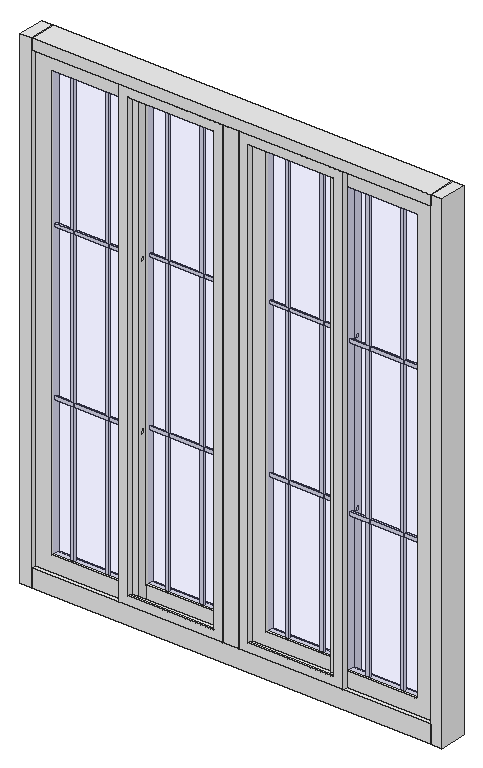
Revit family "Door_Curtain_Wall-Sliding-Traco-TR-8304", category Curtain Panels, Revit 2015
Parameters (values of type "TR-8304")
  Water Resistance = 12.0000 psf
  Uniform Load Structural = 75.0000 psf
  Uniform Load Deflection = 50.0000 psf
  Sill Type = Door_Frame-Sliding-(TR-8304) : 10 PSF Sill
  Screen Type = Screen-Exterior-Traco-Half : Heavy Duty Screen
  Product data url = "https://bimobject.com/kawneerna/product/83005"
  Product Page URL = "http://www.alcoa.com/traco/en/product.asp?cat_id=1911&prod_id=4257"
  Product Documentation Link = "http://www.alcoa.com/traco/en/cad_spec.asp?cat_id=1911&prod_id=4257&area=prod"
  Panel Width [instance] = (Door Width / 4) - 0' 0 9/32"  # 1' - 5 23/32"
  Panel Material [instance] = Aluminum - Traco - Anodized - Gray
  Panel Height [instance] = Door Height - 0' 4 3/4"  # 6' - 7 1/4"
  Muntin Type = Muntin-Grid-Traco-Lites : Interior
  Has Screen [instance] = yes
  Has Muntins [instance] = yes
  Glass Material [instance] = Glass - Traco - Clear
  Frame Material [instance] = Aluminum - Traco - Anodized - Gray
  Door Width [instance] = if(CTRL Opening Width < Door Width Minimum, Door Width Minimum, if(CTRL Opening Width > Door Width Maximum, Door Width Maximum, CTRL Opening Width))  # 6' - 0"
  Door Height [instance] = if(CTRL Opening Height < Door Height Minimum, Door Height Minimum, if(CTRL Opening Height > Door Height Maximum, Door Height Maximum, CTRL Opening Height))  # 7' - 0"
  Copyright © = "2011 Traco"  # constant formula
  CTRL Symbolic Arrow Placement Height [instance] = (Panel Height / 2) + 0' 1 1/2"  # 3' - 5 1/8"
  CTRL Symbolic Arrow Inset [instance] = (Panel Width / 2) - 0' 5 3/8"  # 0' - 3 31/64"
  CTRL Opening Width [instance] = 5' - 5.50212"
  URL = "http://www.alcoa.com/traco/en/home.asp"
  U Factor = ".43*"
  Type Comments = "Door"
  Test Size = "187\" X 96\""
  Model = "TR-8304"
  Manufacturer = " Traco"  # constant formula
  CTRL Opening Height [instance] = 7' - 0"
  Front Panel Inset = 0' - 1 9/16"
  Forced Entry Resistance = "TYPE B: GRADE 10"
  Finish = ""
  Door Width Minimum [instance] = 6' - 0"
  Door Width Maximum [instance] = 16' - 0"
  Door Height Minimum [instance] = 6' - 0"
  Door Height Maximum [instance] = 10' - 0"
  Designation = "AAMA/WDMA/CSA 101/I.S.2/A-440-05: HS-C50 And AAMA/WDMA/CSA 101/I.S.2/A-440-08"
  Description = "4 Panel"
  Condensation Resistance = ""
  Back Panel Inset = 0' - 3 1/16"
  Assembly Code = "B2020220"
  Allowable Air Infiltration Maximum = "0.3 @ 6.2 PSF"
Reference planes (in)
  plane 1 "Front": y = 0
  plane 2 "Bottom": z = 0
  plane 3 "Center (Left/Right)": x = 0
  plane 4 "Left": x = -32.75106
  plane 5 "Right": x = 32.75106
  plane 6 "Top": z = 84
  plane 7 "Back Panel Center F_B": y = 3.0625
  plane 8 "Panel Left": x = -36
  plane 9 "Panel Right": x = 36
  plane 10 "Front Panel Center F_B": y = 1.5625
  plane 11 "Left Inset": x = -34.0625
  plane 12 "Right Inset": x = 34.0625
  plane 13 "Back": y = 4.625
  plane 14 "Left Front Panel Right": x = -16.34375
  plane 15 "Right Front Panel Left": x = 16.34375
  plane 16 "Left Back Panel Left": x = -19.09375
  plane 17 "Right Back Panel Right": x = 19.09375
  plane 18 "Bottom Inset": z = 3
  plane 19 "Top Inset": z = 82.25
Text (in)
  text "Exterior" at (-54.29358, -32.61257, 0), in view "Ref. Level"
  text "Exterior" at (480, 41.53993, 89.60405), in view "Right"
  text "Exterior" at (-240, 57.82419, 105.78864), in view "Left"
Dimensions and locks (in)
  equal spacing: plane 4 "Left", plane 3 "Center (Left/Right)", plane 5 "Right"
  "CTRL Opening Width": plane 4 "Left" to plane 5 "Right"
  equal spacing: plane 8 "Panel Left", plane 3 "Center (Left/Right)", plane 9 "Panel Right"
  "Door Width": plane 8 "Panel Left" to plane 9 "Panel Right"
  "CTRL Opening Height": plane 6 "Top" to plane 2 "Bottom"
  locked: plane 8 "Panel Left" to plane 11 "Left Inset" at 1.9375
  locked: plane 12 "Right Inset" to plane 9 "Panel Right" at 1.9375
  locked: plane 1 "Front" to plane 13 "Back" at 4.625
  "Panel Width": plane 11 "Left Inset" to plane 14 "Left Front Panel Right"
  "Panel Width": plane 15 "Right Front Panel Left" to plane 12 "Right Inset"
  locked: plane 16 "Left Back Panel Left" to plane 14 "Left Front Panel Right" at 2.75
  locked: plane 15 "Right Front Panel Left" to plane 17 "Right Back Panel Right" at 2.75
  locked: plane 18 "Bottom Inset" to plane 2 "Bottom" at 3
  locked: plane 6 "Top" to plane 19 "Top Inset" at 1.75
  "Front Panel Inset": plane 1 "Front" to plane 10 "Front Panel Center F_B"
  "Back Panel Inset": plane 1 "Front" to plane 7 "Back Panel Center F_B"
  aligned and locked: level to plane 2 "Bottom"
  aligned and locked: plane 2 "Bottom" to nested 27
  aligned and locked: plane 3 "Center (Left/Right)" to nested 27
  aligned and locked: nested 4 to plane 10 "Front Panel Center F_B"
  aligned and locked: plane 11 "Left Inset" to nested 4
  aligned and locked: plane 10 "Front Panel Center F_B" to nested 2
  aligned and locked: plane 12 "Right Inset" to nested 2
  aligned and locked: plane 17 "Right Back Panel Right" to nested 1
  aligned and locked: plane 16 "Left Back Panel Left" to nested 3
  aligned and locked: plane 18 "Bottom Inset" to nested 4
  aligned and locked: nested 3 to plane 18 "Bottom Inset"
  aligned and locked: nested 2 to plane 18 "Bottom Inset"
  aligned and locked: plane 18 "Bottom Inset" to nested 1
  aligned and locked: nested 25 to plane 18 "Bottom Inset"
  aligned and locked: nested 26 to plane 18 "Bottom Inset"
  aligned and locked: plane 17 "Right Back Panel Right" to nested 26
  aligned and locked: nested 25 to plane 16 "Left Back Panel Left"
  aligned and locked: nested 15 to plane 18 "Bottom Inset"
  aligned and locked: nested 10 to plane 18 "Bottom Inset"
  aligned and locked: nested 20 to plane 18 "Bottom Inset"
  aligned and locked: nested 5 to plane 18 "Bottom Inset"
  aligned and locked: nested 5 to plane 15 "Right Front Panel Left"
  aligned and locked: plane 17 "Right Back Panel Right" to nested 20
  aligned and locked: nested 10 to plane 16 "Left Back Panel Left"
  aligned and locked: plane 14 "Left Front Panel Right" to nested 15
  aligned and locked: plane 2 "Bottom" to nested 28
  aligned and locked: plane 3 "Center (Left/Right)" to nested 28
  aligned and locked: plane 3 "Center (Left/Right)" to nested 29
Nested families (in)
  nested 1: "Door-Glass_Panel-Traco" at (-16.90625, 3.8125, 3), Width <- "Panel Width", Height <- "Panel Height", Panel Material <- "Panel Material", Glass Material <- "Glass Material", type "Door-Glass_Panel-Traco", detail levels fine
    with built-in parameter 1001301 1' - 5 23/32", built-in parameter 1001302 0' - 1 1/2", Slide Indicator yes, Panel Offset 0' - 4 1/4", Panel Material Aluminum - Traco - Anodized - Gray, Panel Finish none, built-in parameter 1001300 6' - 7 1/4", Glazing "Low E-Argon", Glass Material Glass - Traco - Clear
  nested 2: "Door-Glass_Panel-Traco" at (52.34375, 2.3125, 3) x (-1, 0, 0) z (0, 0, 1), Width <- "Panel Width", Height <- "Panel Height", Panel Material <- "Panel Material", Glass Material <- "Glass Material", type "Door-Glass_Panel-Traco", detail levels fine
    with built-in parameter 1001301 1' - 5 23/32", built-in parameter 1001302 0' - 1 1/2", Slide Indicator yes, Panel Offset 0' - 4 1/4", Panel Material Aluminum - Traco - Anodized - Gray, Panel Finish none, built-in parameter 1001300 6' - 7 1/4", Glazing "Low E-Argon", Glass Material Glass - Traco - Clear
  nested 3: "Door-Glass_Panel-Traco" at (16.90625, 3.8125, 3) x (-1, 0, 0) z (0, 0, 1), Width <- "Panel Width", Height <- "Panel Height", Panel Material <- "Panel Material", Glass Material <- "Glass Material", type "Door-Glass_Panel-Traco", detail levels fine
    with built-in parameter 1001301 1' - 5 23/32", built-in parameter 1001302 0' - 1 1/2", Slide Indicator yes, Panel Offset 0' - 4 1/4", Panel Material Aluminum - Traco - Anodized - Gray, Panel Finish none, built-in parameter 1001300 6' - 7 1/4", Glazing "Low E-Argon", Glass Material Glass - Traco - Clear
  nested 4: "Door-Glass_Panel-Traco" at (-52.34375, 2.3125, 3), Width <- "Panel Width", Height <- "Panel Height", Panel Material <- "Panel Material", Glass Material <- "Glass Material", type "Door-Glass_Panel-Traco", detail levels fine
    with built-in parameter 1001301 1' - 5 23/32", built-in parameter 1001302 0' - 1 1/2", Slide Indicator yes, Panel Offset 0' - 4 1/4", Panel Material Aluminum - Traco - Anodized - Gray, Panel Finish none, built-in parameter 1001300 6' - 7 1/4", Glazing "Low E-Argon", Glass Material Glass - Traco - Clear
  nested 5: "Muntin-Grid-Traco-Lites" at (25.20313, 1.5625, 42.625) x (-1, 0, 0) z (0, 1, 0), Sash Height <- "Panel Height", Length <- "Panel Width", type <- "Muntin Type", visible <- "Has Muntins", type "Interior"
    with Sash Height 6' - 7 1/4", Material Aluminum - Traco - Anodized - Gray, Length 1' - 5 23/32", Glazing Thickness 0' - 0 7/8", CTRL Muntin Vertical Distance 2' - 2.41667", CTRL Muntin Horizontal Distance 0' - 5 29/32", CTRL Face Offset 0' - 0 1/4", CTRL Bar Vertical Visibility no, CTRL Bar Horizontal Visibility no, CTRL Array Vertical Visibility yes, CTRL Array Horizontal Visibility yes, Has Interior Muntins yes, Has Exterior Muntins no
  nested 6: "Muntin-Trapezoid-Traco-Single" at (22.25, 1.375, 42.625) x (0, 0, -1) z (0, 1, 0), type "Standard Colonial"
    with Material Aluminum - Traco - Anodized - Gray, Length 6' - 7 1/4", Width Top 0' - 0 9/16", Width Base 0' - 0 9/16", Height 0' - 0 5/16"
  nested 7: "Muntin-Trapezoid-Traco-Single" at (25.20313, 1.375, 55.83333) x (1, 0, 0) z (0, 1, 0), type "Standard Colonial"
    with Material Aluminum - Traco - Anodized - Gray, Length 1' - 5 23/32", Width Top 0' - 0 9/16", Width Base 0' - 0 9/16", Height 0' - 0 5/16"
  nested 8: "Muntin-Trapezoid-Traco-Single" at (28.15625, 1.375, 42.625) x (0, 0, -1) z (0, 1, 0), type "Standard Colonial"
    with Material Aluminum - Traco - Anodized - Gray, Length 6' - 7 1/4", Width Top 0' - 0 9/16", Width Base 0' - 0 9/16", Height 0' - 0 5/16"
  nested 9: "Muntin-Trapezoid-Traco-Single" at (25.20313, 1.375, 29.41667) x (1, 0, 0) z (0, 1, 0), type "Standard Colonial"
    with Material Aluminum - Traco - Anodized - Gray, Length 1' - 5 23/32", Width Top 0' - 0 9/16", Width Base 0' - 0 9/16", Height 0' - 0 5/16"
  nested 10: "Muntin-Grid-Traco-Lites" at (-10.23437, 3.0625, 42.625) x (-1, 0, 0) z (0, 1, 0), Sash Height <- "Panel Height", Length <- "Panel Width", type <- "Muntin Type", visible <- "Has Muntins", type "Interior"
    with Sash Height 6' - 7 1/4", Material Aluminum - Traco - Anodized - Gray, Length 1' - 5 23/32", Glazing Thickness 0' - 0 7/8", CTRL Muntin Vertical Distance 2' - 2.41667", CTRL Muntin Horizontal Distance 0' - 5 29/32", CTRL Face Offset 0' - 0 1/4", CTRL Bar Vertical Visibility no, CTRL Bar Horizontal Visibility no, CTRL Array Vertical Visibility yes, CTRL Array Horizontal Visibility yes, Has Interior Muntins yes, Has Exterior Muntins no
  nested 11: "Muntin-Trapezoid-Traco-Single" at (-13.1875, 2.875, 42.625) x (0, 0, -1) z (0, 1, 0), type "Standard Colonial"
    with Material Aluminum - Traco - Anodized - Gray, Length 6' - 7 1/4", Width Top 0' - 0 9/16", Width Base 0' - 0 9/16", Height 0' - 0 5/16"
  nested 12: "Muntin-Trapezoid-Traco-Single" at (-10.23437, 2.875, 55.83333) x (1, 0, 0) z (0, 1, 0), type "Standard Colonial"
    with Material Aluminum - Traco - Anodized - Gray, Length 1' - 5 23/32", Width Top 0' - 0 9/16", Width Base 0' - 0 9/16", Height 0' - 0 5/16"
  nested 13: "Muntin-Trapezoid-Traco-Single" at (-7.28125, 2.875, 42.625) x (0, 0, -1) z (0, 1, 0), type "Standard Colonial"
    with Material Aluminum - Traco - Anodized - Gray, Length 6' - 7 1/4", Width Top 0' - 0 9/16", Width Base 0' - 0 9/16", Height 0' - 0 5/16"
  nested 14: "Muntin-Trapezoid-Traco-Single" at (-10.23437, 2.875, 29.41667) x (1, 0, 0) z (0, 1, 0), type "Standard Colonial"
    with Material Aluminum - Traco - Anodized - Gray, Length 1' - 5 23/32", Width Top 0' - 0 9/16", Width Base 0' - 0 9/16", Height 0' - 0 5/16"
  nested 15: "Muntin-Grid-Traco-Lites" at (-25.20312, 1.5625, 42.625) x (-1, 0, 0) z (0, 1, 0), Sash Height <- "Panel Height", Length <- "Panel Width", type <- "Muntin Type", visible <- "Has Muntins", type "Interior"
    with Sash Height 6' - 7 1/4", Material Aluminum - Traco - Anodized - Gray, Length 1' - 5 23/32", Glazing Thickness 0' - 0 7/8", CTRL Muntin Vertical Distance 2' - 2.41667", CTRL Muntin Horizontal Distance 0' - 5 29/32", CTRL Face Offset 0' - 0 1/4", CTRL Bar Vertical Visibility no, CTRL Bar Horizontal Visibility no, CTRL Array Vertical Visibility yes, CTRL Array Horizontal Visibility yes, Has Interior Muntins yes, Has Exterior Muntins no
  nested 16: "Muntin-Trapezoid-Traco-Single" at (-28.15625, 1.375, 42.625) x (0, 0, -1) z (0, 1, 0), type "Standard Colonial"
    with Material Aluminum - Traco - Anodized - Gray, Length 6' - 7 1/4", Width Top 0' - 0 9/16", Width Base 0' - 0 9/16", Height 0' - 0 5/16"
  nested 17: "Muntin-Trapezoid-Traco-Single" at (-25.20312, 1.375, 55.83333) x (1, 0, 0) z (0, 1, 0), type "Standard Colonial"
    with Material Aluminum - Traco - Anodized - Gray, Length 1' - 5 23/32", Width Top 0' - 0 9/16", Width Base 0' - 0 9/16", Height 0' - 0 5/16"
  nested 18: "Muntin-Trapezoid-Traco-Single" at (-22.25, 1.375, 42.625) x (0, 0, -1) z (0, 1, 0), type "Standard Colonial"
    with Material Aluminum - Traco - Anodized - Gray, Length 6' - 7 1/4", Width Top 0' - 0 9/16", Width Base 0' - 0 9/16", Height 0' - 0 5/16"
  nested 19: "Muntin-Trapezoid-Traco-Single" at (-25.20312, 1.375, 29.41667) x (1, 0, 0) z (0, 1, 0), type "Standard Colonial"
    with Material Aluminum - Traco - Anodized - Gray, Length 1' - 5 23/32", Width Top 0' - 0 9/16", Width Base 0' - 0 9/16", Height 0' - 0 5/16"
  nested 20: "Muntin-Grid-Traco-Lites" at (10.23438, 3.0625, 42.625) x (-1, 0, 0) z (0, 1, 0), Sash Height <- "Panel Height", Length <- "Panel Width", type <- "Muntin Type", visible <- "Has Muntins", type "Interior"
    with Sash Height 6' - 7 1/4", Material Aluminum - Traco - Anodized - Gray, Length 1' - 5 23/32", Glazing Thickness 0' - 0 7/8", CTRL Muntin Vertical Distance 2' - 2.41667", CTRL Muntin Horizontal Distance 0' - 5 29/32", CTRL Face Offset 0' - 0 1/4", CTRL Bar Vertical Visibility no, CTRL Bar Horizontal Visibility no, CTRL Array Vertical Visibility yes, CTRL Array Horizontal Visibility yes, Has Interior Muntins yes, Has Exterior Muntins no
  nested 21: "Muntin-Trapezoid-Traco-Single" at (7.28125, 2.875, 42.625) x (0, 0, -1) z (0, 1, 0), type "Standard Colonial"
    with Material Aluminum - Traco - Anodized - Gray, Length 6' - 7 1/4", Width Top 0' - 0 9/16", Width Base 0' - 0 9/16", Height 0' - 0 5/16"
  nested 22: "Muntin-Trapezoid-Traco-Single" at (10.23438, 2.875, 55.83333) x (1, 0, 0) z (0, 1, 0), type "Standard Colonial"
    with Material Aluminum - Traco - Anodized - Gray, Length 1' - 5 23/32", Width Top 0' - 0 9/16", Width Base 0' - 0 9/16", Height 0' - 0 5/16"
  nested 23: "Muntin-Trapezoid-Traco-Single" at (13.1875, 2.875, 42.625) x (0, 0, -1) z (0, 1, 0), type "Standard Colonial"
    with Material Aluminum - Traco - Anodized - Gray, Length 6' - 7 1/4", Width Top 0' - 0 9/16", Width Base 0' - 0 9/16", Height 0' - 0 5/16"
  nested 24: "Muntin-Trapezoid-Traco-Single" at (10.23438, 2.875, 29.41667) x (1, 0, 0) z (0, 1, 0), type "Standard Colonial"
    with Material Aluminum - Traco - Anodized - Gray, Length 1' - 5 23/32", Width Top 0' - 0 9/16", Width Base 0' - 0 9/16", Height 0' - 0 5/16"
  nested 25: "Screen-Exterior-Traco-Half" at (-9.23438, 4.625, 42.625) x (1, 0, 0) z (0, -1, 0), Height <- "Panel Height", Width <- "Panel Width", visible <- "Has Screen", type <- "Screen Type", type "Heavy Duty Screen"
    with Width 1' - 5 23/32", Screen Offset 0' - 3 13/16", Height 6' - 7 1/4", CTRL Width 1' - 5 23/32", CTRL Height 6' - 7 1/4", Frame Thickness 0' - 0 13/16"
  nested 26: "Screen-Exterior-Traco-Half" at (11.23438, 4.625, 42.625) x (1, 0, 0) z (0, -1, 0), Height <- "Panel Height", Width <- "Panel Width", type <- "Screen Type", visible <- "Has Screen", type "Heavy Duty Screen"
    with Width 1' - 5 23/32", Screen Offset 0' - 3 13/16", Height 6' - 7 1/4", CTRL Width 1' - 5 23/32", CTRL Height 6' - 7 1/4", Frame Thickness 0' - 0 13/16"
  nested 27: "Door_Frame-Sliding-(TR-8304)" at (0, 2.3125, 0), Door Width <- "Door Width", Door Height <- "Door Height", type <- "Sill Type", type "10 PSF Sill"
    with Door Width 6' - 0", Door Height 7' - 0", Sill Thickness 0' - 3"
  nested 28: "Symbolic_Opening_Arrow-Traco" at (19, 0, 42) x (1, 0, 0) z (0, -1, 0), Placement Height <- "CTRL Symbolic Arrow Placement Height", Inset <- "CTRL Symbolic Arrow Inset", type "Typical"
    with Placement Height 3' - 5 1/8", Inset 0' - 3 31/64", Length 1' - 0"
  nested 29: "Symbolic_Opening_Arrow-Traco" at (-19, 0, 42) x (-1, 0, 0) z (0, -1, 0), Placement Height <- "CTRL Symbolic Arrow Placement Height", Inset <- "CTRL Symbolic Arrow Inset", type "Typical"
    with Placement Height 3' - 5 1/8", Inset 0' - 3 31/64", Length 1' - 0"
Definition of nested family "Door-Glass_Panel-Traco"
  Parameters
    Width [instance] = 3' - 0"
    Visible Light Transmission = 0
    URL = "www.integratedcontentsolutions.com"
    U Value = 0
    Type Comments = "Panel theory and model developed by Integrated Content Solutions"  # constant formula
    Thickness [instance] = 0' - 1 1/2"
    Stile Right = 0' - 2 3/4"
    Stile Left = 0' - 2 3/4"
    Solar Heat Gain Coefficient = 0
    Slide Indicator [instance] = yes
    Rail Head = 0' - 2 9/16"
    Rail Bottom = 0' - 2 9/16"
    R Value = 0
    Product Documentation Link = "www.integratedcontentsolutions.com"
    Panel Offset [instance] = 0' - 4 1/4"
    Panel Material [instance] = none
    Panel Finish [instance] = none
    Manufacturer = "Integrated Content Solutions"  # constant formula
    LEED Credit = ""
    Height [instance] = 7' - 0"
    Glazing [instance] = "Low E-Argon"
    Glass Material [instance] = none
    Function = 1
    Energy Star Zone = ""
    Copyright © = "Integrated Content Solutions © 2009"  # constant formula
    Assembly Code = "C1020110"
    Appear In Schedule = 0 = 1  # no
    Air Leakage = 0
  Reference planes (in)
    plane 1 "Exterior": y = 0
    plane 2 "Bottom": z = 0
    plane 3 "Left": x = 0
    plane 4 "Interior": y = -1.5
    plane 5 "Right": x = 36
    plane 6 "Top": z = 84
    plane 7 "Panel Center of Thickness": y = -0.75
    plane 8 "Glass Interior": y = -1.1875
    plane 9 "Glass Exterior": y = -0.3125
    plane 10 "Left Inset": x = 2.75
    plane 11 "Right Inset": x = 33.25
    plane 12 "Top Inset": z = 81.4375
    plane 13 "Bottom Inset": z = 2.5625
    plane 14 "Center L_R": x = 18
  Forms (in)
    Extrusion 1, solid, material <- "Panel Material"
      sketch origin (0, 0, 0) x (1, 0, 0) y (0, 0, 1)
        loop
          line (0, 84) -> (0, 0) -> (36, 0) -> (36, 84) -> (0, 84)
        loop
          line (2.75, 81.4375) -> (2.75, 2.5625) -> (33.25, 2.5625) -> (33.25, 81.4375) -> (2.75, 81.4375)
      from 0 to 1.5
    Extrusion 2, solid, material <- "Glass Material"
      sketch origin (0, -1.5, 0) x (1, 0, 0) y (0, 0, 1)
        loop
          line (2.75, 81.4375) -> (2.75, 2.5625) -> (33.25, 2.5625) -> (33.25, 81.4375) -> (2.75, 81.4375)
      from -1.1875 to -0.3125
  Lines and regions (in)
    Masking region 1
      outline origin (0, 0, 84) x (-1, 0, 0) y (0, -1, 0)
        loop
          line (0, 1.5) -> (-36, 1.5) -> (-36, 0) -> (0, 0) -> (0, 1.5)
    Masking region 2
      outline origin (0, -0.75, 0) x (-1, 0, 0) y (0, 0, 1)
        loop
          line (0, 0) -> (0, 84) -> (-36, 84) -> (-36, 0) -> (0, 0)
        loop
          line (-2.75, 2.5625) -> (-2.75, 81.4375) -> (-33.25, 81.4375) -> (-33.25, 2.5625) -> (-2.75, 2.5625)
    Masking region 3
      outline origin (18, 0, 0) x (0, 1, 0) y (0, 0, 1)
        loop
          line (-1.5, 0) -> (0, 0) -> (0, 84) -> (-1.5, 84) -> (-1.5, 0)
  Dimensions and locks (in)
    "Width": plane 3 "Left" to plane 5 "Right"
    "Thickness": plane 4 "Interior" to plane 1 "Exterior"
    "Height": plane 6 "Top" to plane 2 "Bottom"
    equal spacing: plane 4 "Interior", plane 7 "Panel Center of Thickness", plane 1 "Exterior"
    "Stile Left": plane 10 "Left Inset" to plane 3 "Left"
    "Stile Right": plane 5 "Right" to plane 11 "Right Inset"
    "Rail Bottom": plane 13 "Bottom Inset" to plane 2 "Bottom"
    "Rail Head": plane 6 "Top" to plane 12 "Top Inset"
    locked: plane 9 "Glass Exterior" to plane 8 "Glass Interior" at 0.875
    equal spacing: plane 3 "Left", plane 14 "Center L_R", plane 5 "Right"
    aligned and locked: plane 3 "Left" to Extrusion 1 sketch curve
    aligned and locked: Extrusion 1 sketch curve to plane 6 "Top"
    aligned and locked: level to Extrusion 1 sketch curve
    aligned and locked: Extrusion 1 sketch curve to plane 5 "Right"
    aligned and locked: Extrusion 1 to plane 1 "Exterior"
    aligned and locked: plane 4 "Interior" to Extrusion 1
    aligned and locked: level to plane 2 "Bottom"
    aligned and locked: plane 10 "Left Inset" to Extrusion 1 sketch curve
    aligned and locked: Extrusion 1 sketch curve to plane 12 "Top Inset"
    aligned and locked: plane 13 "Bottom Inset" to Extrusion 1 sketch curve
    aligned and locked: Extrusion 1 sketch curve to plane 11 "Right Inset"
    aligned and locked: plane 10 "Left Inset" to Extrusion 2 sketch curve
    aligned and locked: Extrusion 2 sketch curve to plane 12 "Top Inset"
    aligned and locked: plane 13 "Bottom Inset" to Extrusion 2 sketch curve
    aligned and locked: Extrusion 2 sketch curve to plane 11 "Right Inset"
    aligned and locked: plane 9 "Glass Exterior" to Extrusion 2
    aligned and locked: Extrusion 2 to plane 8 "Glass Interior"
    aligned and locked: Masking region 1 sketch curve to plane 1 "Exterior"
    aligned and locked: plane 5 "Right" to Masking region 1 sketch curve
    aligned and locked: plane 4 "Interior" to Masking region 1 sketch curve
    aligned and locked: Masking region 1 sketch curve to plane 3 "Left"
    aligned and locked: plane 6 "Top" to Masking region 2 sketch curve
    aligned and locked: Masking region 2 sketch curve to plane 3 "Left"
    aligned and locked: plane 5 "Right" to Masking region 2 sketch curve
    aligned and locked: Masking region 2 sketch curve to plane 2 "Bottom"
    aligned and locked: plane 12 "Top Inset" to Masking region 2 sketch curve
    aligned and locked: Masking region 2 sketch curve to plane 10 "Left Inset"
    aligned and locked: plane 11 "Right Inset" to Masking region 2 sketch curve
    aligned and locked: Masking region 2 sketch curve to plane 13 "Bottom Inset"
    aligned and locked: plane 6 "Top" to Masking region 3 sketch curve
    aligned and locked: plane 4 "Interior" to Masking region 3 sketch curve
    aligned and locked: Masking region 3 sketch curve to plane 1 "Exterior"
    aligned and locked: plane 2 "Bottom" to Masking region 3 sketch curve
Definition of nested family "Muntin-Trapezoid-Traco-Single"
  Parameters
    Width Top = 0' - 0 7/16"
    Width Base = 0' - 1"
    URL = "http://www.alcoa.com/traco/en/home.asp"
    Product Page URL = "http://www.alcoa.com/traco/en/product.asp?prod_id=4228"
    Product Documentation Link = "http://www.alcoa.com/traco/en/cad_spec.asp?prod_id=4228&area=prod"
    Material [instance] = none
    Manufacturer = "Traco"  # constant formula
    Length [instance] = 1' - 0"
    Height = 0' - 0 5/8"
    Description = "Trapezoidal Profile"
    Copyright © = "2011 Traco"  # constant formula
  Reference planes (in)
    plane 1 "Center (Front/Back)": y = 0
    plane 2 "Original Bottom": z = 0
    plane 3 "Center (Left/Right)": x = 0
    plane 4 "Left": x = -6
    plane 5 "Right": x = 6
    plane 6 "Back": y = 0.5
    plane 7 "Front": y = -0.5
    plane 8 "Back Inset": y = 0.21875
    plane 9 "Front Inset": y = -0.21875
    plane 10 "Top": z = 0.625
    plane 11 "Bottom": z = 0
  Forms (in)
    Sweep 1, solid, material <- "Material", detail levels medium+fine
      path origin (0, 0, 0) x (0, -1, 0) y (1, 0, 0)
        loop
          line (0, 6) -> (0, -6)
      profile origin (0, 0, 0) x (0, -1, 0) y (0, 0, 1)
        loop
          line (0.5, 0) -> (0.21875, 0.625) -> (-0.21875, 0.625) -> (-0.5, 0) -> (0.5, 0)
  Lines and regions (in)
    Masking region 1, detail levels medium+fine
      outline origin (0, 0, 0) x (0, 1, 0) y (0, 0, 1)
        loop
          line (0.5, 0) -> (0.21875, 0.625) -> (-0.21875, 0.625) -> (-0.5, 0) -> (0.5, 0)
    Masking region 2, detail levels medium+fine
      outline origin (0, 0, 0) x (1, 0, 0) y (0, 1, 0)
        loop
          line (6, -0.5) -> (6, 0.5) -> (-6, 0.5) -> (-6, -0.5) -> (6, -0.5)
    Masking region 3, detail levels medium+fine
      outline origin (0, 0, 0) x (1, 0, 0) y (0, 0, 1)
        loop
          line (6, 0) -> (6, 0.625) -> (-6, 0.625) -> (-6, 0) -> (6, 0)
    symbolic lines, detail levels coarse
      curve 1: line (0, 0, 0) -> (0, 0, 0.625)
      curve 2: line (-6, 0, 0) -> (6, 0, 0)
      curve 3: line (-6, 0, 0) -> (-6, 0, 0.625)
      curve 4: line (-6, 0, 0.625) -> (6, 0, 0.625)
      curve 5: line (6, 0, 0.625) -> (6, 0, 0)
    model lines, detail levels coarse
      curve 6: line (-6, 0, 0) -> (6, 0, 0)
  Dimensions and locks (in)
    equal spacing: plane 4 "Left", plane 3 "Center (Left/Right)", plane 5 "Right"
    "Length": plane 4 "Left" to plane 5 "Right"
    equal spacing: plane 6 "Back", plane 1 "Center (Front/Back)", plane 7 "Front"
    "Width Base": plane 7 "Front" to plane 6 "Back"
    equal spacing: plane 8 "Back Inset", plane 1 "Center (Front/Back)", plane 9 "Front Inset"
    "Width Top": plane 9 "Front Inset" to plane 8 "Back Inset"
    locked: plane 11 "Bottom" to plane 2 "Original Bottom" at 0
    "Height": plane 10 "Top" to plane 11 "Bottom"
    aligned and locked: plane 2 "Original Bottom" to level
    aligned and locked: plane 4 "Left" to Sweep 1 sketch curve
    aligned and locked: Sweep 1 sketch curve to plane 1 "Center (Front/Back)"
    aligned and locked: plane 5 "Right" to Sweep 1 sketch curve
    aligned and locked: plane 7 "Front" to Sweep 1 sketch curve
    aligned and locked: plane 11 "Bottom" to Sweep 1 sketch curve  (x2)
    aligned and locked: plane 6 "Back" to Sweep 1 sketch curve
    aligned and locked: plane 10 "Top" to Sweep 1 sketch curve
    aligned and locked: plane 8 "Back Inset" to Sweep 1 sketch curve
    aligned and locked: plane 9 "Front Inset" to Sweep 1 sketch curve
    aligned and locked: Sweep 1 sketch curve to plane 10 "Top"
    aligned and locked: Masking region 1 sketch curve to plane 11 "Bottom"
    aligned and locked: plane 10 "Top" to Masking region 1 sketch curve
    aligned and locked: plane 8 "Back Inset" to Masking region 1 sketch curve
    aligned and locked: plane 9 "Front Inset" to Masking region 1 sketch curve
    aligned and locked: plane 7 "Front" to Masking region 1 sketch curve
    aligned and locked: plane 6 "Back" to Masking region 1 sketch curve
    aligned and locked: curve 1 to plane 1 "Center (Front/Back)"
    aligned and locked: plane 11 "Bottom" to curve 1
    aligned and locked: plane 10 "Top" to curve 1
    aligned and locked: plane 4 "Left" to curve 2
    aligned and locked: plane 5 "Right" to curve 2
    aligned and locked: plane 1 "Center (Front/Back)" to curve 2
    aligned and locked: Masking region 2 sketch curve to plane 4 "Left"
    aligned and locked: Masking region 2 sketch curve to plane 5 "Right"
    aligned and locked: Masking region 2 sketch curve to plane 6 "Back"
    aligned and locked: Masking region 2 sketch curve to plane 7 "Front"
    aligned and locked: Masking region 3 sketch curve to plane 4 "Left"
    aligned and locked: Masking region 3 sketch curve to plane 5 "Right"
    aligned and locked: plane 11 "Bottom" to Masking region 3 sketch curve
    aligned and locked: Masking region 3 sketch curve to plane 10 "Top"
    aligned and locked: plane 11 "Bottom" to curve 3
    aligned and locked: plane 11 "Bottom" to curve 5
    aligned and locked: curve 5 to plane 5 "Right"
    aligned and locked: curve 3 to plane 4 "Left"
    aligned and locked: curve 4 to plane 10 "Top"
    aligned and locked: plane 5 "Right" to curve 6
    aligned and locked: plane 4 "Left" to curve 6
    aligned and locked: plane 1 "Center (Front/Back)" to curve 6
Definition of nested family "Screen-Exterior-Traco-Half"
  Parameters
    Width [instance] = 4' - 0"
    URL = "http://www.alcoa.com/traco/en/home.asp"
    Screen Offset [instance] = 0' - 1 1/2"
    Screen Material = none
    Product Page URL = ""
    Product Documentation Link = ""
    Model = ""
    Frame Material = none
    Manufacturer = "Traco"  # constant formula
    Height [instance] = 7' - 0"
    Frame Width = 0' - 1 1/2"
    Frame Thickness = 0' - 0 3/8"
    Default Elevation = 4' - 0"
    Copyright © = "2011 Traco"  # constant formula
    CTRL Width [instance] = Width  # 4' - 0"
    CTRL Height [instance] = Height  # 7' - 0"
    Assembly Code = "B2010300"
  Reference planes (in)
    plane 1 "Center (Front/Back)": y = 0
    plane 2 "Original Ref": z = 0
    plane 3 "Center (Left/Right)": x = -1
    plane 4 "Bottom": z = 1.5
    plane 5 "Front": y = -42
    plane 6 "Back": y = 42
    plane 7 "Left": x = -25
    plane 8 "Right": x = 23
    plane 9 "Back Inset": y = 40.5
    plane 10 "Left Inset": x = -23.5
    plane 11 "Right Inset": x = 21.5
    plane 12 "Top": z = 1.875
    plane 13 "Front Inset": y = -40.5
    plane 14 "Screen Bottom": z = 1.635
  Forms (in)
    Extrusion 1, solid
      sketch origin (0, 0, 0) x (1, 0, 0) y (0, 1, 0)
        loop
          line (-48, 48) -> (-48, -48) -> (48, -48) -> (48, 48) -> (-48, 48)
      from 0 to -12
    Extrusion 2, solid, material <- "Frame Material", detail levels medium+fine
      sketch origin (0, 0, 0) x (1, 0, 0) y (0, 1, 0)
        loop
          line (-25, 42) -> (-25, -42) -> (23, -42) -> (23, 42) -> (-25, 42)
        loop
          line (21.5, -40.5) -> (21.5, 40.5) -> (-23.5, 40.5) -> (-23.5, -40.5) -> (21.5, -40.5)
      from 1.5 to 1.875
    Extrusion 3, solid, material <- "Screen Material", detail levels medium+fine
      sketch origin (0, 0, 1.875) x (-1, 0, 0) y (0, -1, 0)
        loop
          line (-21.5, 40.5) -> (-21.5, -40.5) -> (23.5, -40.5) -> (23.5, 40.5) -> (-21.5, 40.5)
      from -0.24 to 0
  Lines and regions (in)
    Masking region 1, detail levels medium+fine
      outline origin (0, 0, 0) x (1, 0, 0) y (0, 0, 1)
        loop
          line (-25, 1.875) -> (-25, 1.5) -> (-23.5, 1.5) -> (-23.5, 1.875) -> (-25, 1.875)
        loop
          line (23, 1.5) -> (23, 1.875) -> (21.5, 1.875) -> (21.5, 1.5) -> (23, 1.5)
    Masking region 2
      outline origin (0, 0, 1.875) x (-1, 0, 0) y (0, -1, 0)
        loop
          line (-23, 42) -> (-23, -42) -> (25, -42) -> (25, 42) -> (-23, 42)
        loop
          line (23.5, -40.5) -> (23.5, 40.5) -> (-21.5, 40.5) -> (-21.5, -40.5) -> (23.5, -40.5)
    Masking region 3, detail levels medium+fine
      outline origin (-1, 0, 0) x (0, 1, 0) y (0, 0, 1)
        loop
          line (-42, 1.875) -> (-42, 1.5) -> (-40.5, 1.5) -> (-40.5, 1.875) -> (-42, 1.875)
        loop
          line (42, 1.5) -> (42, 1.875) -> (40.5, 1.875) -> (40.5, 1.5) -> (42, 1.5)
    model lines, detail levels coarse
      curve 1: line (-25, -42, 1.875) -> (23, -42, 1.875)
      curve 2: line (23, -42, 1.875) -> (23, 42, 1.875)
      curve 3: line (23, 42, 1.875) -> (-25, 42, 1.875)
      curve 4: line (-25, 42, 1.875) -> (-25, -42, 1.875)
    model lines, detail levels fine
      curve 5: line (-25, 42, 1.875) -> (-23.5, 40.5, 1.875)
      curve 6: line (21.5, 40.5, 1.875) -> (23, 42, 1.875)
      curve 7: line (-25, -42, 1.875) -> (-23.5, -40.5, 1.875)
      curve 8: line (21.5, -40.5, 1.875) -> (23, -42, 1.875)
    symbolic lines
      curve 9: line (21.5, 0, 1.635) -> (-23.5, 0, 1.635)
      curve 10: line (-1, 40.5, 1.635) -> (-1, -40.5, 1.635)
      curve 13: line (-23.5, -40.5, 1.875) -> (21.5, 40.5, 1.875)
    symbolic lines, detail levels medium+fine
      curve 11: line (-23.5, 0, 1.875) -> (-1, 40.5, 1.875)
      curve 12: line (-1, -40.5, 1.875) -> (21.5, 0, 1.875)
    symbolic lines, detail levels coarse
      curve 14: line (-23.5, 0, 1.635) -> (-23.5, 0, 1.5)
      curve 15: line (21.5, 0, 1.635) -> (21.5, 0, 1.5)
      curve 16: line (-1, -40.5, 1.5) -> (-1, -40.5, 1.635)
      curve 17: line (-1, 40.5, 1.5) -> (-1, 40.5, 1.635)
  Dimensions and locks (in)
    plane 4 "Bottom" to plane 2 "Original Ref" = 0' - 1 1/2"
    "CTRL Width": plane 7 "Left" to plane 8 "Right"
    "CTRL Height": plane 5 "Front" to plane 6 "Back"
    "Frame Width": plane 6 "Back" to plane 9 "Back Inset"
    "Frame Width": plane 7 "Left" to plane 10 "Left Inset"
    "Frame Width": plane 11 "Right Inset" to plane 8 "Right"
    "Frame Thickness": plane 12 "Top" to plane 4 "Bottom"
    "Frame Width": plane 5 "Front" to plane 13 "Front Inset"
    equal spacing: plane 7 "Left", plane 3 "Center (Left/Right)", plane 8 "Right"
    locked: plane 12 "Top" to plane 14 "Screen Bottom" at 0.24
    equal spacing: plane 5 "Front", plane 1 "Center (Front/Back)", plane 6 "Back"
    "Screen Offset": plane 4 "Bottom" to plane 2 "Original Ref"
    aligned and locked: plane 2 "Original Ref" to Extrusion 1
    aligned and locked: level to Extrusion 1
    aligned and locked: Masking region 1 sketch curve to plane 12 "Top"
    aligned and locked: plane 4 "Bottom" to Masking region 1 sketch curve
    aligned and locked: Masking region 1 sketch curve to plane 7 "Left"
    aligned and locked: Masking region 2 sketch curve to plane 6 "Back"
    aligned and locked: Masking region 2 sketch curve to plane 7 "Left"
    aligned and locked: Masking region 2 sketch curve to plane 5 "Front"
    aligned and locked: Masking region 2 sketch curve to plane 8 "Right"
    aligned and locked: Masking region 2 sketch curve to plane 11 "Right Inset"
    aligned and locked: Masking region 2 sketch curve to plane 10 "Left Inset"
    aligned and locked: Masking region 2 sketch curve to plane 9 "Back Inset"
    aligned and locked: Masking region 2 sketch curve to plane 13 "Front Inset"
    aligned and locked: Extrusion 2 sketch curve to plane 9 "Back Inset"
    aligned and locked: Extrusion 2 sketch curve to plane 6 "Back"
    aligned and locked: Extrusion 2 sketch curve to plane 11 "Right Inset"
    aligned and locked: Extrusion 2 sketch curve to plane 8 "Right"
    aligned and locked: Extrusion 2 sketch curve to plane 10 "Left Inset"
    aligned and locked: Extrusion 2 sketch curve to plane 7 "Left"
    aligned and locked: Extrusion 2 sketch curve to plane 13 "Front Inset"
    aligned and locked: Extrusion 2 sketch curve to plane 5 "Front"
    aligned and locked: plane 12 "Top" to Extrusion 2
    aligned and locked: Extrusion 2 to plane 4 "Bottom"
    aligned and locked: curve 1 to Extrusion 2
    aligned and locked: curve 2 to Extrusion 2
    aligned and locked: curve 4 to Extrusion 2
    aligned and locked: Masking region 1 sketch curve to plane 8 "Right"
    aligned and locked: Masking region 3 sketch curve to plane 6 "Back"
    aligned and locked: Masking region 3 sketch curve to plane 5 "Front"
    aligned and locked: Masking region 3 sketch curve to plane 12 "Top"
    aligned and locked: Masking region 3 to plane 4 "Bottom"
    aligned and locked: plane 11 "Right Inset" to curve 8
    aligned and locked: plane 10 "Left Inset" to curve 7
    aligned and locked: plane 7 "Left" to curve 7
    aligned and locked: plane 10 "Left Inset" to curve 5
    aligned and locked: plane 11 "Right Inset" to curve 6
    aligned and locked: plane 5 "Front" to curve 8
    aligned and locked: plane 13 "Front Inset" to curve 8
    aligned and locked: plane 9 "Back Inset" to curve 6
    aligned and locked: plane 9 "Back Inset" to curve 5
    aligned and locked: plane 8 "Right" to curve 3
    aligned and locked: Extrusion 3 sketch curve to plane 9 "Back Inset"
    aligned and locked: Extrusion 3 sketch curve to plane 10 "Left Inset"
    aligned and locked: Extrusion 3 sketch curve to plane 13 "Front Inset"
    aligned and locked: Extrusion 3 sketch curve to plane 11 "Right Inset"
    aligned and locked: Extrusion 3 to plane 14 "Screen Bottom"
    aligned and locked: plane 12 "Top" to Extrusion 3
    aligned and locked: Masking region 1 sketch curve to plane 10 "Left Inset"
    aligned and locked: Masking region 1 sketch curve to plane 11 "Right Inset"
    aligned and locked: plane 11 "Right Inset" to curve 9
    aligned and locked: plane 14 "Screen Bottom" to curve 9
    aligned and locked: Masking region 3 sketch curve to plane 13 "Front Inset"
    aligned and locked: Masking region 3 sketch curve to plane 9 "Back Inset"
    aligned and locked: plane 13 "Front Inset" to curve 10
    aligned and locked: plane 9 "Back Inset" to curve 10
    aligned and locked: plane 14 "Screen Bottom" to curve 10
    aligned and locked: plane 6 "Back" to curve 6
    aligned and locked: plane 1 "Center (Front/Back)" to curve 12
    aligned and locked: plane 11 "Right Inset" to curve 12
    aligned and locked: plane 9 "Back Inset" to curve 11
    aligned and locked: plane 3 "Center (Left/Right)" to curve 11
    aligned and locked: plane 13 "Front Inset" to curve 12
    aligned and locked: plane 3 "Center (Left/Right)" to curve 12
    aligned and locked: plane 13 "Front Inset" to curve 13
    aligned and locked: plane 10 "Left Inset" to curve 11
    aligned and locked: plane 1 "Center (Front/Back)" to curve 11
    aligned and locked: plane 10 "Left Inset" to curve 14
    aligned and locked: plane 14 "Screen Bottom" to curve 14
    aligned and locked: plane 4 "Bottom" to curve 14
    aligned and locked: plane 14 "Screen Bottom" to curve 16
    aligned and locked: plane 4 "Bottom" to curve 16
    aligned and locked: curve 16 to plane 13 "Front Inset"
  Automatic sketch dimensions
    Extrusion 1 sketch curve to Extrusion 1 sketch curve = 8' - 0"  (x2)
    curve 15 to plane 4 "Bottom" = 0' - 0"
    Masking region 1 sketch curve to plane 4 "Bottom" = 0' - 0"
    Masking region 1 sketch curve to plane 12 "Top" = 0' - 0"
    Masking region 3 sketch curve to plane 4 "Bottom" = 0' - 0"  (x2)
    Masking region 3 sketch curve to plane 12 "Top" = 0' - 0"
    curve 17 to plane 4 "Bottom" = 0' - 0"
Definition of nested family "Door_Frame-Sliding-(TR-8304)"
  Parameters
    Sill Thickness = 0' - 4 1/4"
    Jamb Thickness = 0' - 1 15/16"
    Head Thickness = 0' - 1 3/4"
    Frame Material = none
    Frame Depth = 0' - 4 5/8"
    Door Width [instance] = 6' - 0"
    Door Height [instance] = 7' - 0"
    Assembly Code = ""
  Reference planes (in)
    plane 1 "Center (Front/Back)": y = 0
    plane 2 "Bottom": z = 0
    plane 3 "Center (Left/Right)": x = 0
    plane 4 "Interior": y = 2.3125
    plane 5 "Exterior": y = -2.3125
    plane 6 "Left": x = -36
    plane 7 "Right": x = 36
    plane 8 "Top": z = 84
    plane 9 "Inside Frame Left Side": x = -34.0625
    plane 10 "Inside Frame Right Side": x = 34.0625
    plane 11 "Top Inset": z = 82.25
    plane 12 "Bottom Inset": z = 4.25
    plane 13 "Left Panel Right": x = -1.375
    plane 14 "Right Panel Left": x = 1.375
  Forms (in)
    Extrusion 1, solid, material <- "Frame Material"
      sketch origin (0, 0, 0) x (1, 0, 0) y (0, 0, 1)
        loop
          line (-36, 84) -> (-36, 0) -> (-34.0625, 0) -> (-34.0625, 84) -> (-36, 84)
        loop
          line (34.0625, 84) -> (34.0625, 0) -> (36, 0) -> (36, 84) -> (34.0625, 84)
      from -2.3125 to 2.3125
    Extrusion 2, solid, material <- "Frame Material"
      sketch origin (0, 0, 0) x (1, 0, 0) y (0, 0, 1)
        loop
          line (-34.0625, 84) -> (-34.0625, 82.25) -> (34.0625, 82.25) -> (34.0625, 84) -> (-34.0625, 84)
        loop
          line (-34.0625, 4.25) -> (-34.0625, 0) -> (34.0625, 0) -> (34.0625, 4.25) -> (-34.0625, 4.25)
      from -2.3125 to 2.3125
    Extrusion 3, solid, material <- "Frame Material"
      sketch origin (0, 0, 0) x (1, 0, 0) y (0, 0, 1)
        loop
          line (-1.375, 82.25) -> (-1.375, 4.25) -> (1.375, 4.25) -> (1.375, 82.25) -> (-1.375, 82.25)
      from -2.3125 to 2.3125
  Lines and regions (in)
    Masking region 1
      outline origin (0, 0, 0) x (1, 0, 0) y (0, 0, 1)
        loop
          line (-36, 84) -> (-36, 0) -> (36, 0) -> (36, 84) -> (-36, 84)
        loop
          line (-34.0625, 82.25) -> (-34.0625, 4.25) -> (-1.375, 4.25) -> (-1.375, 82.25) -> (-34.0625, 82.25)
        loop
          line (1.375, 82.25) -> (1.375, 4.25) -> (34.0625, 4.25) -> (34.0625, 82.25) -> (1.375, 82.25)
    Masking region 2
      outline origin (0, 0, 84) x (-1, 0, 0) y (0, -1, 0)
        loop
          line (36, 2.3125) -> (-36, 2.3125) -> (-36, -2.3125) -> (36, -2.3125) -> (36, 2.3125)
    Masking region 3
      outline origin (0, 0, 0) x (0, 1, 0) y (0, 0, 1)
        loop
          line (-2.3125, 0) -> (2.3125, 0) -> (2.3125, 84) -> (-2.3125, 84) -> (-2.3125, 0)
    symbolic lines, detail levels medium+fine
      curve 1: line (-34.0625, -2.3125, 84) -> (-34.0625, 2.3125, 84)
      curve 2: line (34.0625, -2.3125, 84) -> (34.0625, 2.3125, 84)
  Dimensions and locks (in)
    equal spacing: plane 4 "Interior", plane 1 "Center (Front/Back)", plane 5 "Exterior"
    "Frame Depth": plane 4 "Interior" to plane 5 "Exterior"
    "Door Height": plane 8 "Top" to plane 2 "Bottom"
    equal spacing: plane 6 "Left", plane 3 "Center (Left/Right)", plane 7 "Right"
    "Head Thickness": plane 8 "Top" to plane 11 "Top Inset"
    "Jamb Thickness": plane 7 "Right" to plane 10 "Inside Frame Right Side"
    "Jamb Thickness": plane 6 "Left" to plane 9 "Inside Frame Left Side"
    "Sill Thickness": plane 12 "Bottom Inset" to plane 2 "Bottom"
    "Door Width": plane 6 "Left" to plane 7 "Right"
    Extrusion 3 sketch curve to Extrusion 3 sketch curve = 0' - 2 3/4"
    equal spacing: Extrusion 3 sketch curve, plane 3 "Center (Left/Right)", Extrusion 3 sketch curve
    equal spacing: plane 13 "Left Panel Right", plane 3 "Center (Left/Right)", plane 14 "Right Panel Left"
    aligned and locked: level to plane 2 "Bottom"
    aligned and locked: Extrusion 1 sketch curve to plane 6 "Left"
    aligned and locked: level to Extrusion 1 sketch curve
    aligned and locked: plane 9 "Inside Frame Left Side" to Extrusion 1 sketch curve
    aligned and locked: Extrusion 1 sketch curve to plane 10 "Inside Frame Right Side"
    aligned and locked: Extrusion 1 sketch curve to plane 7 "Right"
    aligned and locked: plane 4 "Interior" to Extrusion 1
    aligned and locked: plane 5 "Exterior" to Extrusion 1
    aligned and locked: plane 2 "Bottom" to Extrusion 1 sketch curve
    aligned and locked: Extrusion 1 to Extrusion 2 sketch curve  (x2)
    aligned and locked: plane 11 "Top Inset" to Extrusion 2 sketch curve
    aligned and locked: plane 10 "Inside Frame Right Side" to Extrusion 2 sketch curve
    aligned and locked: Extrusion 2 sketch curve to plane 12 "Bottom Inset"
    aligned and locked: Extrusion 2 sketch curve to plane 9 "Inside Frame Left Side"
    aligned and locked: Extrusion 2 sketch curve to Extrusion 1
    aligned and locked: plane 4 "Interior" to Extrusion 2
    aligned and locked: plane 5 "Exterior" to Extrusion 2
    aligned and locked: Extrusion 2 sketch curve to plane 8 "Top"
    aligned and locked: Extrusion 1 sketch curve to plane 8 "Top"  (x2)
    aligned and locked: Extrusion 3 sketch curve to plane 11 "Top Inset"
    aligned and locked: plane 12 "Bottom Inset" to Extrusion 3 sketch curve
    aligned and locked: plane 5 "Exterior" to Extrusion 3
    aligned and locked: plane 4 "Interior" to Extrusion 3
    aligned and locked: Masking region 1 sketch curve to Extrusion 1  (x4)
    aligned and locked: Masking region 1 sketch curve to Extrusion 2  (x4)
    aligned and locked: Masking region 1 sketch curve to Extrusion 3  (x4)
    aligned and locked: plane 5 "Exterior" to Masking region 2 sketch curve
    aligned and locked: plane 6 "Left" to Masking region 2 sketch curve
    aligned and locked: plane 4 "Interior" to Masking region 2 sketch curve
    aligned and locked: plane 7 "Right" to Masking region 2 sketch curve
    aligned and locked: curve 1 to plane 9 "Inside Frame Left Side"
    aligned and locked: curve 2 to plane 10 "Inside Frame Right Side"
    aligned and locked: plane 8 "Top" to Masking region 3 sketch curve
    aligned and locked: plane 4 "Interior" to Masking region 3 sketch curve
    aligned and locked: plane 5 "Exterior" to Masking region 3 sketch curve
    aligned and locked: Masking region 3 sketch curve to plane 2 "Bottom"
  Automatic sketch dimensions
    curve 1 to plane 4 "Interior" = 0' - 0"
    curve 2 to plane 4 "Interior" = 0' - 0"
    plane 5 "Exterior" to curve 2 = 0' - 0"
    plane 5 "Exterior" to curve 1 = 0' - 0"
Definition of nested family "Muntin-Grid-Traco-Lites"
  Parameters
    URL = "http://www.alcoa.com/traco/en/home.asp"
    Sash Height [instance] = 4' - 0"
    Muntin Vertical Count = if((Lite Vertical Count - 1) < 2, 2, (Lite Vertical Count - 1))  # 2
    Muntin Type = Muntin-Trapezoid-Traco-Single : H-081
    Muntin Horizontal Count = if((Lite Horizontal Count - 1) < 2, 2, (Lite Horizontal Count - 1))  # 2
    Material [instance] = none
    Manufacturer = "Traco"  # constant formula
    Lite Vertical Count = 3
    Lite Horizontal Count = 3
    Length [instance] = 4' - 0"
    Has True Muntins = no
    Has Interior Muntins = no
    Has Exterior Muntins = yes
    Glazing Thickness [instance] = 0' - 0 7/8"
    Default Elevation = 4' - 0"
    Copyright © = "2011 Traco"  # constant formula
    CTRL Muntin Vertical Distance [instance] = Sash Height / (Lite Vertical Count)  # 1' - 4"
    CTRL Muntin Horizontal Distance [instance] = Length / (Lite Horizontal Count)  # 1' - 4"
    CTRL Face Offset [instance] = if(Has Interior Muntins, 0' 0 1/4", if(Has Exterior Muntins, Glazing Thickness, Glazing Thickness / 2))  # 0' - 0 7/8"
    CTRL Bar Vertical Visibility [instance] = Lite Vertical Count = 2  # no
    CTRL Bar Horizontal Visibility [instance] = Lite Horizontal Count = 2  # no
    CTRL Array Vertical Visibility [instance] = Lite Vertical Count > 2  # yes
    CTRL Array Horizontal Visibility [instance] = Lite Horizontal Count > 2  # yes
    Assembly Code = "B2020110"
  Reference planes (in)
    plane 1 "Center (Front/Back)": y = 0
    plane 2 "Original  Bottom": z = 0
    plane 3 "Center (Left/Right)": x = 0
    plane 4 "Left": x = -24
    plane 5 "Right": x = 24
    plane 6 "Bottom": z = 0.4375
    plane 7 "Glass Top": z = 0.4375
    plane 8 "Glass Bottom": z = -0.4375
    plane 9 "Back": y = 24
    plane 10 "Front": y = -24
    plane 11 "Bar 1 Vertical": y = -8
    plane 12 "Bar Last Vertical": y = 8
    plane 13 "Bar Last Horizontal": x = 8
    plane 14 "Bar 1 Horizontal": x = -8
  Forms (in)
    Extrusion 1, solid
      sketch origin (0, 0, 0) x (1, 0, 0) y (0, 1, 0)
        loop
          line (-48, 48) -> (-48, -48) -> (48, -48) -> (48, 48) -> (-48, 48)
      from 0 to -12
  Dimensions and locks (in)
    equal spacing: plane 4 "Left", plane 3 "Center (Left/Right)", plane 5 "Right"
    "Length": plane 4 "Left" to plane 5 "Right"
    "Glazing Thickness": plane 7 "Glass Top" to plane 8 "Glass Bottom"
    equal spacing: plane 9 "Back", plane 1 "Center (Front/Back)", plane 10 "Front"
    "Sash Height": plane 10 "Front" to plane 9 "Back"
    "CTRL Muntin Vertical Distance": plane 10 "Front" to plane 11 "Bar 1 Vertical"
    "CTRL Muntin Vertical Distance": plane 12 "Bar Last Vertical" to plane 9 "Back"
    "CTRL Muntin Horizontal Distance": plane 4 "Left" to plane 14 "Bar 1 Horizontal"
    "CTRL Muntin Horizontal Distance": plane 13 "Bar Last Horizontal" to plane 5 "Right"
    equal spacing: plane 7 "Glass Top", plane 2 "Original  Bottom", plane 8 "Glass Bottom"
    group 1 to group 2 = 0' - 0"  (x2)
    group 1 to group 2 = 1' - 4"
    group 3 to group 4 = 1' - 4"
    group 3 to group 4 = 0' - 0"  (x2)
    "CTRL Face Offset": plane 6 "Bottom" to plane 8 "Glass Bottom"
    aligned and locked: plane 2 "Original  Bottom" to Extrusion 1
    aligned and locked: level to Extrusion 1
    aligned and locked: plane 6 "Bottom" to nested 1
    aligned and locked: plane 6 "Bottom" to nested 3
    aligned and locked: plane 6 "Bottom" to nested 2
    aligned and locked: plane 6 "Bottom" to nested 4
    aligned and locked: nested 3 to plane 11 "Bar 1 Vertical"
    aligned and locked: nested 4 to plane 14 "Bar 1 Horizontal"
    aligned and locked: nested 3 to plane 3 "Center (Left/Right)"
    aligned and locked: plane 1 "Center (Front/Back)" to nested 4
    aligned and locked: plane 3 "Center (Left/Right)" to nested 2
    aligned and locked: nested 2 to plane 1 "Center (Front/Back)"
    aligned and locked: plane 1 "Center (Front/Back)" to nested 1
    aligned and locked: plane 3 "Center (Left/Right)" to nested 1
    aligned and locked: nested 5 to plane 3 "Center (Left/Right)"
    aligned and locked: plane 1 "Center (Front/Back)" to nested 6
    aligned and locked: plane 6 "Bottom" to nested 6
    aligned and locked: nested 5 to plane 12 "Bar Last Vertical"
    aligned and locked: nested 6 to plane 13 "Bar Last Horizontal"
    aligned and locked: plane 6 "Bottom" to nested 5
  Automatic sketch dimensions
    Extrusion 1 sketch curve to Extrusion 1 sketch curve = 8' - 0"  (x2)
  Nested families (in)
    nested 1: "Muntin-Trapezoid-Traco-Single" at (0, 0, 0.4375), Length <- "Length", visible <- "CTRL Bar Vertical Visibility", type <- "Muntin Type", Material <- "Material", type "H-081"
      with Material none, Length 4' - 0"
    nested 2: "Muntin-Trapezoid-Traco-Single" at (0, 0, 0.4375) x (0, 1, 0) z (0, 0, 1), Length <- "Sash Height", visible <- "CTRL Bar Horizontal Visibility", type <- "Muntin Type", Material <- "Material", type "H-081"
      with Material none, Length 4' - 0"
    nested 3: "Muntin-Trapezoid-Traco-Single" at (0, -8, 0.4375) x (-1, 0, 0) z (0, 0, 1), Length <- "Length", visible <- "CTRL Array Horizontal Visibility", type <- "Muntin Type", Material <- "Material", type "H-081"
      with Material none, Length 4' - 0"
    nested 4: "Muntin-Trapezoid-Traco-Single" at (-8, 0, 0.4375) x (0, -1, 0) z (0, 0, 1), Length <- "Sash Height", visible <- "CTRL Array Horizontal Visibility", type <- "Muntin Type", Material <- "Material", type "H-081"
      with Material none, Length 4' - 0"
    nested 5: "Muntin-Trapezoid-Traco-Single" at (0, 8, 0.4375) x (-1, 0, 0) z (0, 0, 1), Length <- "Length", visible <- "CTRL Array Horizontal Visibility", type <- "Muntin Type", Material <- "Material", type "H-081"
      with Material none, Length 4' - 0"
    nested 6: "Muntin-Trapezoid-Traco-Single" at (8, 0, 0.4375) x (0, -1, 0) z (0, 0, 1), Length <- "Sash Height", visible <- "CTRL Array Horizontal Visibility", type <- "Muntin Type", Material <- "Material", type "H-081"
      with Material none, Length 4' - 0"
  Definition of nested family "Muntin-Trapezoid-Traco-Single"
    Parameters
      Width Top = 0' - 0 7/16"
      Width Base = 0' - 1"
      URL = "http://www.alcoa.com/traco/en/home.asp"
      Product Page URL = "http://www.alcoa.com/traco/en/product.asp?prod_id=4228"
      Product Documentation Link = "http://www.alcoa.com/traco/en/cad_spec.asp?prod_id=4228&area=prod"
      Material [instance] = none
      Manufacturer = "Traco"  # constant formula
      Length [instance] = 1' - 0"
      Height = 0' - 0 5/8"
      Description = "Trapezoidal Profile"
      Copyright © = "2011 Traco"  # constant formula
    Reference planes (in)
      plane 1 "Center (Front/Back)": y = 0
      plane 2 "Original Bottom": z = 0
      plane 3 "Center (Left/Right)": x = 0
      plane 4 "Left": x = -6
      plane 5 "Right": x = 6
      plane 6 "Back": y = 0.5
      plane 7 "Front": y = -0.5
      plane 8 "Back Inset": y = 0.21875
      plane 9 "Front Inset": y = -0.21875
      plane 10 "Top": z = 0.625
      plane 11 "Bottom": z = 0
    Forms (in)
      Sweep 1, solid, material <- "Material", detail levels medium+fine
        path origin (0, 0, 0) x (0, -1, 0) y (1, 0, 0)
          loop
            line (0, 6) -> (0, -6)
        profile origin (0, 0, 0) x (0, -1, 0) y (0, 0, 1)
          loop
            line (0.5, 0) -> (0.21875, 0.625) -> (-0.21875, 0.625) -> (-0.5, 0) -> (0.5, 0)
    Lines and regions (in)
      Masking region 1, detail levels medium+fine
        outline origin (0, 0, 0) x (0, 1, 0) y (0, 0, 1)
          loop
            line (0.5, 0) -> (0.21875, 0.625) -> (-0.21875, 0.625) -> (-0.5, 0) -> (0.5, 0)
      Masking region 2, detail levels medium+fine
        outline origin (0, 0, 0) x (1, 0, 0) y (0, 1, 0)
          loop
            line (6, -0.5) -> (6, 0.5) -> (-6, 0.5) -> (-6, -0.5) -> (6, -0.5)
      Masking region 3, detail levels medium+fine
        outline origin (0, 0, 0) x (1, 0, 0) y (0, 0, 1)
          loop
            line (6, 0) -> (6, 0.625) -> (-6, 0.625) -> (-6, 0) -> (6, 0)
      symbolic lines, detail levels coarse
        curve 1: line (0, 0, 0) -> (0, 0, 0.625)
        curve 2: line (-6, 0, 0) -> (6, 0, 0)
        curve 3: line (-6, 0, 0) -> (-6, 0, 0.625)
        curve 4: line (-6, 0, 0.625) -> (6, 0, 0.625)
        curve 5: line (6, 0, 0.625) -> (6, 0, 0)
      model lines, detail levels coarse
        curve 6: line (-6, 0, 0) -> (6, 0, 0)
    Dimensions and locks (in)
      equal spacing: plane 4 "Left", plane 3 "Center (Left/Right)", plane 5 "Right"
      "Length": plane 4 "Left" to plane 5 "Right"
      equal spacing: plane 6 "Back", plane 1 "Center (Front/Back)", plane 7 "Front"
      "Width Base": plane 7 "Front" to plane 6 "Back"
      equal spacing: plane 8 "Back Inset", plane 1 "Center (Front/Back)", plane 9 "Front Inset"
      "Width Top": plane 9 "Front Inset" to plane 8 "Back Inset"
      locked: plane 11 "Bottom" to plane 2 "Original Bottom" at 0
      "Height": plane 10 "Top" to plane 11 "Bottom"
      aligned and locked: plane 2 "Original Bottom" to level
      aligned and locked: plane 4 "Left" to Sweep 1 sketch curve
      aligned and locked: Sweep 1 sketch curve to plane 1 "Center (Front/Back)"
      aligned and locked: plane 5 "Right" to Sweep 1 sketch curve
      aligned and locked: plane 7 "Front" to Sweep 1 sketch curve
      aligned and locked: plane 11 "Bottom" to Sweep 1 sketch curve  (x2)
      aligned and locked: plane 6 "Back" to Sweep 1 sketch curve
      aligned and locked: plane 10 "Top" to Sweep 1 sketch curve
      aligned and locked: plane 8 "Back Inset" to Sweep 1 sketch curve
      aligned and locked: plane 9 "Front Inset" to Sweep 1 sketch curve
      aligned and locked: Sweep 1 sketch curve to plane 10 "Top"
      aligned and locked: Masking region 1 sketch curve to plane 11 "Bottom"
      aligned and locked: plane 10 "Top" to Masking region 1 sketch curve
      aligned and locked: plane 8 "Back Inset" to Masking region 1 sketch curve
      aligned and locked: plane 9 "Front Inset" to Masking region 1 sketch curve
      aligned and locked: plane 7 "Front" to Masking region 1 sketch curve
      aligned and locked: plane 6 "Back" to Masking region 1 sketch curve
      aligned and locked: curve 1 to plane 1 "Center (Front/Back)"
      aligned and locked: plane 11 "Bottom" to curve 1
      aligned and locked: plane 10 "Top" to curve 1
      aligned and locked: plane 4 "Left" to curve 2
      aligned and locked: plane 5 "Right" to curve 2
      aligned and locked: plane 1 "Center (Front/Back)" to curve 2
      aligned and locked: Masking region 2 sketch curve to plane 4 "Left"
      aligned and locked: Masking region 2 sketch curve to plane 5 "Right"
      aligned and locked: Masking region 2 sketch curve to plane 6 "Back"
      aligned and locked: Masking region 2 sketch curve to plane 7 "Front"
      aligned and locked: Masking region 3 sketch curve to plane 4 "Left"
      aligned and locked: Masking region 3 sketch curve to plane 5 "Right"
      aligned and locked: plane 11 "Bottom" to Masking region 3 sketch curve
      aligned and locked: Masking region 3 sketch curve to plane 10 "Top"
      aligned and locked: plane 11 "Bottom" to curve 3
      aligned and locked: plane 11 "Bottom" to curve 5
      aligned and locked: curve 5 to plane 5 "Right"
      aligned and locked: curve 3 to plane 4 "Left"
      aligned and locked: curve 4 to plane 10 "Top"
      aligned and locked: plane 5 "Right" to curve 6
      aligned and locked: plane 4 "Left" to curve 6
      aligned and locked: plane 1 "Center (Front/Back)" to curve 6
Definition of nested family "Symbolic_Opening_Arrow-Traco"
  Parameters
    Placement Height [instance] = 3' - 4"
    Length = 1' - 8"
    Inset [instance] = 1' - 7"
    Arrow Length = 0' - 3"
    Arrow Height = 0' - 4"
  Reference planes (in)
    plane 1 "Center (Elevation)": y = -2
    plane 2: z = 0
    plane 3 "Left": x = 0
    plane 4 "Right": x = 20
    plane 5 "Reference Level": y = -42
    plane 6 "Right Inset": x = 17
    plane 7 "Top": y = 0
    plane 8 "Bottom": y = -4
    plane 9 "Left Anchor": x = -19
  Lines and regions (in)
    detail lines, in view "Ref. Level"
      curve 1: line (0, -2, 0) -> (20, -2, 0)
      curve 2: line (20, -2, 0) -> (17, 0, 0)
      curve 3: line (20, -2, 0) -> (17, -4, 0)
  Dimensions and locks (in)
    equal spacing: plane 8 "Bottom", plane 1 "Center (Elevation)", plane 7 "Top"
    "Arrow Height": plane 8 "Bottom" to plane 7 "Top"
    "Length": plane 3 "Left" to plane 4 "Right"
    "Arrow Length": plane 6 "Right Inset" to plane 4 "Right"
    "Inset": plane 9 "Left Anchor" to plane 3 "Left"
    "Placement Height": plane 1 "Center (Elevation)" to plane 5 "Reference Level"
    aligned and locked: plane 3 "Left" to curve 1
    aligned and locked: plane 1 "Center (Elevation)" to curve 1
    aligned and locked: plane 6 "Right Inset" to curve 3
    aligned and locked: plane 8 "Bottom" to curve 3
    aligned and locked: plane 1 "Center (Elevation)" to curve 2
    aligned and locked: plane 4 "Right" to curve 2
    aligned and locked: plane 7 "Top" to curve 2
    aligned and locked: plane 6 "Right Inset" to curve 2
